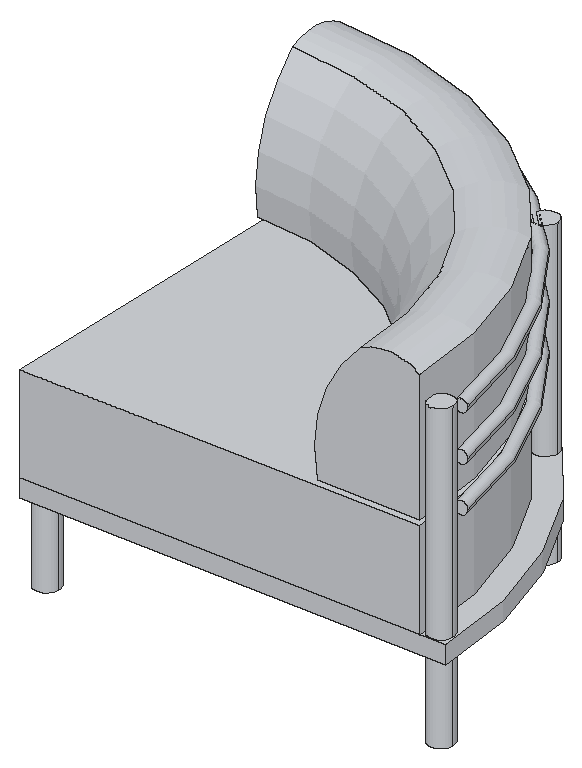
Revit family "Modular_Round Corner", category Furniture, Revit 2016
Family settings
  OmniClass Number = 23.40.20.00
  OmniClass Title = General Furniture and Specialties
  Work Plane-Based = No
  Always vertical = Yes
  Cut with Voids When Loaded = No
  Shared = No
  Room Calculation Point = No
Parameters
  frame = none
  fabric = none
Reference planes (in)
  plane 1 "Center Front/Back": y = 0
  plane 2: z = 0
  plane 3 "Center Left/Right": x = 0
  plane 4: z = 8
  plane 5: z = 28
  plane 6: through (0, 0, 48) normal (-0.7071, 0.7071, 0)
  plane 7: z = 16.97722
  plane 8: z = 20.72722
  plane 9: z = 24.52278
Forms (in)
  Extrusion 1, solid, material <- "frame"
    sketch origin (0, 0, 0) x (1, 0, 0) y (0, 1, 0)
      loop
        line (-17.5, -17.5) -> (17.5, -17.5)
        arc (17.5, -17.5) -> (7.24874, 7.24874) -> (-17.5, 17.5) r 35
        line (-17.5, 17.5) -> (-17.5, -17.5)
    from 8 to 6.503
  Extrusion 2, solid, material <- "frame"
    sketch origin (0, 0, 0) x (1, 0, 0) y (0, 1, 0)
      loop
        circle (-16.26256, -16.26256) r 1
    from 0 to 6.503
  Extrusion 3, solid, material <- "frame"
    sketch origin (0, 0, 0) x (1, 0, 0) y (0, 1, 0)
      loop
        circle (-16.2448, 16.38365) r 1
      loop
        circle (6.46052, 6.59937) r 1
      loop
        circle (16.2448, -16.38365) r 1
    from 0 to 25
  Extrusion 4, solid, material <- "fabric"
    sketch origin (0, 0, 0) x (1, 0, 0) y (0, 1, 0)
      loop
        line (-17.5, -17.5) -> (15.41294, -17.5)
        arc (15.41294, -17.5) -> (5.77296, 5.77296) -> (-17.5, 15.41294) r 32.91294
        line (-17.5, 15.41294) -> (-17.5, -17.5)
    from 8 to 16
  Sweep 5, solid
    path origin (0, 0, 0) x (1, 0, 0) y (0, 1, 0)
      loop
        arc (-17.5, 10.5537) -> (2.33696, 2.33696) -> (10.5537, -17.5) r 28.0537
    profile origin (2.33696, 2.33696, 0) x (0.707107, 0.707107, 0) y (0, 0, 1)
      loop
        line (4.85925, 16.5) -> (4.85925, 27.18458)
        arc (4.85925, 27.18458) -> (2.46518, 27.99498) -> (0, 27.43715) r 4.66274
        arc (0, 27.43715) -> (-3.1943, 22.42913) -> (-3.5537, 16.5) r 11.83702
        line (-3.5537, 16.5) -> (4.85925, 16.5)
  Sweep 6, solid
    path origin (-15.54054, -14.49978, 0) x (1, 0, 0) y (0, 1, 0)
      loop
        arc (18.62771, -3.00022) -> (11.68166, 10.64091) -> (-1.95946, 17.58695) r 24.74874
    profile origin (-3.85888, -3.85888, 0) x (-0.707107, -0.707107, 0) y (0, 0, 1)
      loop
        circle (-14.15122, 16.97722) r 0.5
      loop
        circle (-14.15122, 20.72722) r 0.5
      loop
        circle (-14.15122, 24.52278) r 0.5
Cuts and joins
  joined: Extrusion 1, Extrusion 2, Extrusion 3
Dimensions and locks (in)
  aligned and locked: level to plane 2
